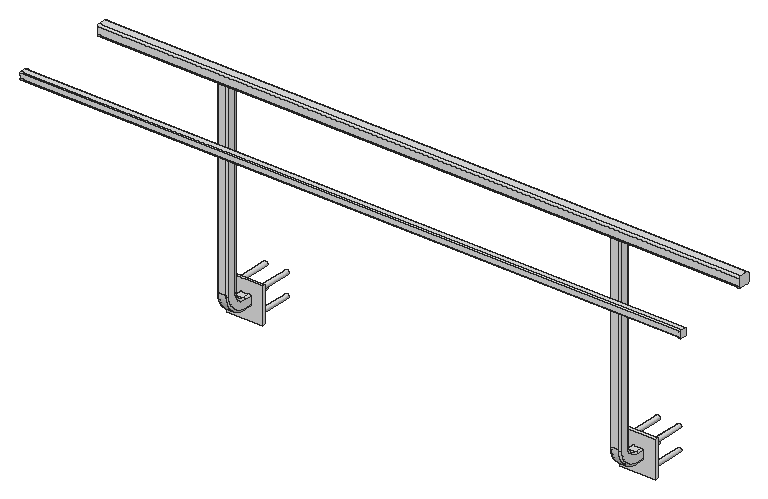
Revit family "AVLN_Ограждение парапета", category Каркас несущий, Revit 2021 (continued)
Definition of nested family "АР_В_Ограждение парапета"
  Definition of nested family "Анкер-шуруп Hilti HUS3-ОГП"
    Forms (mm)
      Revolve 1, solid, material <- "М"
        sketch origin (0, 0, 0) x (1, 0, 0) y (0, 0, 1)
          axis (100, 0) -> (0, 0)
        angle from 0 to 360
    Lines and regions (mm)
      symbolic lines
        curve 1: line (0, 0, 6) -> (0, 0, -6)
        curve 2: line (0, 0, 6) -> (100, 0, 6)
        curve 3: line (100, 0, 6) -> (100, 0, -6)
        curve 4: line (100, 0, -6) -> (0, 0, -6)
    Dimensions and locks
      equal spacing: plane 4, level, plane 5
      "Di": plane 4 to plane 5
      plane 3 "По центру (Влево/Вправо)" to plane 6 = 3 mm
      "Длина": plane 9 to plane 3 "По центру (Влево/Вправо)"
      equal spacing: plane 7, level, plane 8
      plane 7 to plane 8 = 12 mm
      aligned and locked: level to plane 2
    Automatic sketch dimensions
      Revolve 1 sketch curve to level = 0 mm  (x2)
      Revolve 1 sketch curve to plane 9 = 0 mm
      Revolve 1 sketch curve to plane 7 = 0 mm
      Revolve 1 sketch curve to plane 6 = 8.541 mm
      Revolve 1 sketch curve to Revolve 1 sketch curve = 4.443 mm
      Revolve 1 sketch curve to plane 3 "По центру (Влево/Вправо)" = 0 mm
      curve 1 to plane 3 "По центру (Влево/Вправо)" = 0 mm
      curve 2 to plane 9 = 0 mm
      curve 4 to plane 8 = 0 mm
      curve 1 to plane 7 = 0 mm
Types (7, lengths in mm): name | Шаг гор. труб | Отступ гор. труб | Материал ограждения парапета | Высота.1
  АР_О_Ограждение парапета | 150 | 150 | ADSK_RAL9002/9003 | 600
  АР_О_Ограждение парапета 7 | 150 | 150 | ADSK_RAL9002/9003 | 900
  АР_О_Ограждение парапета 6 | 150 | 150 | ADSK_RAL9002/9003 | 1000
  АР_О_Ограждение парапета 5 | 200 | 200 | none | 1900
  АР_О_Ограждение парапета 4 | 150 | 150 | ADSK_RAL9002/9003 | 950
  АР_О_Ограждение парапета 3 | 150 | 150 | ADSK_RAL9002/9003 | 900
  АР_О_Ограждение парапета 2 | 150 | 150 | ADSK_RAL9002/9003 | 800
